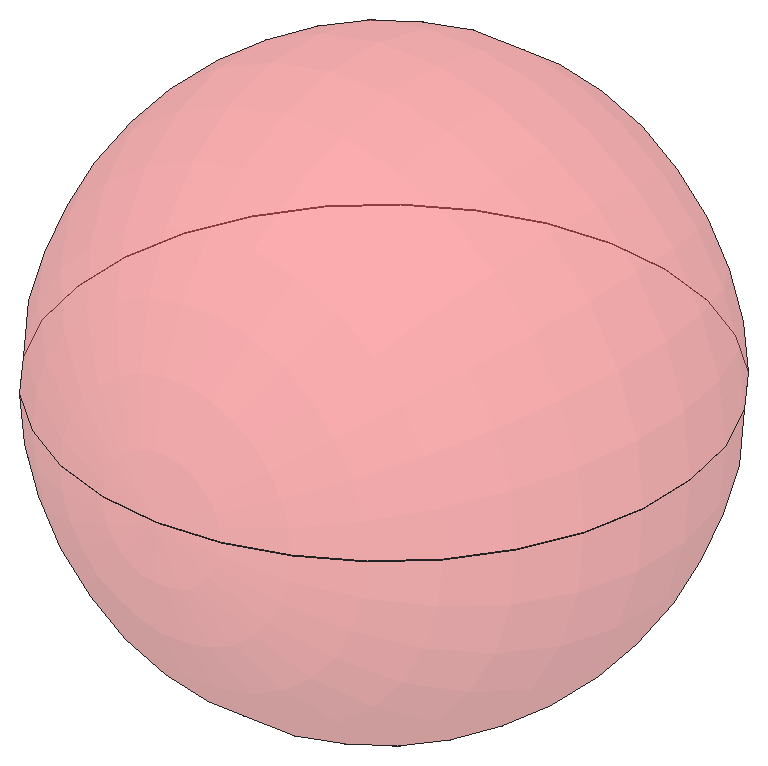
Revit family "RevitNinja_Revizto_Clash_Ball", category Generic Models, Revit 2022
Family settings
  Can host rebar = No
  Round Connector Dimension = Use Diameter
  Part Type = Normal
  Work Plane-Based = No
  Always vertical = No
  Cut with Voids When Loaded = No
  Maintain Annotation Orientation = No
  Shared = No
  Room Calculation Point = No
Parameters (values of type "D500")
  Zone [instance] = ""
  Title [instance] = ""
  Status [instance] = ""
  StampTitle [instance] = ""
  Stamp [instance] = ""
  Solved [instance] = no
  SnapshotLink [instance] = ""
  Reporter [instance] = ""
  R = 250 mm
  Issue Level [instance] = ""
  Id [instance] = ""
  GridLocation [instance] = ""
  Default Elevation = 0 mm
  Date [instance] = ""
  Comments [instance] = ""
  Active [instance] = not(Solved)  # yes
Reference planes
  plane 1 "Center (Front/Back)": y = 0
  plane 2: z = 0
  plane 3 "Center (Left/Right)": x = 0
Forms (mm)
  Revolve 1, solid, material "Red", visible <- "Active"
    sketch origin (0, 0, 0) x (1, 0, 0) y (0, 1, 0)
      loop
        line (0, 250) -> (0, -250)
        arc (0, -250) -> (250, 0) -> (0, 250) r 250
      axis (0, 250) -> (0, -250)
    angle from 0 to 360
  Revolve 2, solid, material "Green", visible <- "Solved"
    sketch origin (0, 0, 0) x (1, 0, 0) y (0, 1, 0)
      loop
        line (0, 250) -> (0, -250)
        arc (0, -250) -> (250, 0) -> (0, 250) r 250
      axis (0, 250) -> (0, -250)
    angle from 0 to 360
Dimensions and locks
  "R": radius of Revolve 1 sketch curve
  "R": radius of Revolve 2 sketch curve
  aligned and locked: level to plane 2
  aligned and locked: plane 3 "Center (Left/Right)" to Revolve 1 sketch curve
  aligned and locked: Revolve 1 sketch curve to plane 3 "Center (Left/Right)"
Automatic sketch dimensions
  Revolve 1 sketch curve to plane 3 "Center (Left/Right)" = 0 mm
  plane 1 "Center (Front/Back)" to Revolve 1 sketch curve = 0 mm
  Revolve 1 sketch curve to Revolve 1 sketch curve = 110 mm
  Revolve 1 sketch curve to Revolve 1 sketch curve = 260 mm
  Revolve 2 sketch curve to plane 3 "Center (Left/Right)" = 0 mm  (x2)
  plane 1 "Center (Front/Back)" to Revolve 2 sketch curve = 0 mm
  Revolve 2 sketch curve to Revolve 2 sketch curve = 110 mm
  Revolve 2 sketch curve to Revolve 2 sketch curve = 260 mm
